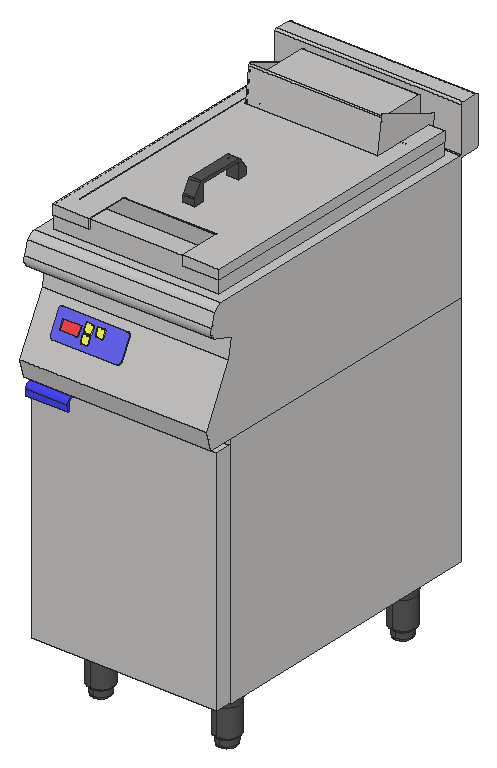
Revit family "QF_CAPIC_AVEN_W541033", category Equipement spécialisé, Revit 2018
Family settings
  Cote de connecteur circulaire = Utiliser le diamètre
  Type d'élément = Normal
  Numéro OmniClass = 23.40.40.14
  Titre OmniClass = Food Service Equipment
  Basée sur le plan de construction = Non
  Toujours verticalement = Oui
  Couper avec des vides une fois chargée = Non
  Partagée = Non
  Point de calcul de pièce = Non
Parameters (values of type "400 x 725 x 900 mm")
  URL catalogue = "http://www.capic-fr.com/fr/"
  Type de Raccord Plomberie [instance] = ""
  Type de Raccord Electrique [instance] = "Bornier interne"
  Type de Gaz = ""
  Type article [instance] = ""
  Tension = 400 V
  Spécification du Fabricant = ""
  Show Logo [instance] = yes
  Remarques evacuation [instance] = ""
  Remarques Plomberie [instance] = ""
  Remarques Electricité [instance] = "400Vx3 +T+N"
  Puissance électrique  = 10000 W
  Puissance Gaz kW = 0
  Profondeur hors tout = 725 mm
  Pression Maximum Eau Adoucie = 0.0 Pa
  Poids net à vide = 63.00 kg
  Phase = 0
  Modèle = "W541033"
  Longueur hors tout = 400 mm
  Intensité nominale = 0 A
  Hauteur hors tout = 1010 mm
  Hauteur de Raccordement du Sol Finis = 703 mm
  Hauteur de Raccordement Gaz du Sol Finis = 0 mm
  Hauteur de Raccordement Evacuation Directe du Sol Finis = 0 mm
  Hauteur de Raccordement Eau Froide du Sol Finis = 0 mm
  Hauteur de Raccordement Eau Chaude du Sol Finis = 0 mm
  Hauteur de Raccordement Eau Adoucie du Sol Finis = 0 mm
  Fréquence = 50 Hz
  Fabricant = "CAPIC"
  Débit d'air d'extraction = 0.0 m³/h
  Débit Gaz = 0.0 L/s
  Débit Eau Froide = 0.0 L/s
  Débit Eau Chaude = 0.0 L/s
  Débit Eau Adoucie = 0.0 L/s
  Diamètre de Raccordement Gaz = 0 mm
  Diamètre de Raccordement Evacuation = 0 mm
  Diamètre de Raccordement Eau Froide = 0 mm
  Diamètre de Raccordement Eau Chaude = 0 mm
  Diamètre de Raccordement Eau Adoucie = 0 mm
  Description = "Friteuse 15L sur placard"
  Assembly Code = ""
  Classification  Omniclass nombre et titre = "23.40.40.14"
Reference planes
  plane 1 "Centre (avant/arrière)": y = 0
  plane 2: z = 0
  plane 3 "Centre (gauche/droite)": x = 0
  plane 4: x = 400
Forms (mm)
  Extrusion 1, solid, material "QF_Stainless Steel-Brushed"
    sketch origin (0, -45.05, 638) x (0, 1, 0) y (0, 0, 1)
      loop
        line (1.05, 270.397) -> (-641.347, 270.397)
        arc (-641.347, 270.397) -> (-651.671, 267.142) -> (-658.261, 258.553) r 18
        line (-658.261, 258.553) -> (-667.837, 232.245)
        arc (-667.837, 232.245) -> (-667.236, 218.482) -> (-657.078, 209.174) r 18
        line (-657.078, 209.174) -> (-613.251, 193.222) -> (-619.754, 152.161) -> (-680.074, 38.717) -> (-668.972, 0) -> (0, 0) -> (0, 268.397) -> (42.05, 268.397) -> (44.05, 270.397) -> (44.05, 356.397) -> (45.05, 356.397) -> (45.05, 368.397)
        arc (45.05, 368.397) -> (43.878, 371.225) -> (41.05, 372.397) r 4
        line (41.05, 372.397) -> (7.05, 372.397)
        arc (7.05, 372.397) -> (4.222, 371.225) -> (3.05, 368.397) r 4
        line (3.05, 368.397) -> (3.05, 272.397)
        arc (3.05, 272.397) -> (2.464, 270.983) -> (1.05, 270.397) r 2
    from 0 to 400
  Extrusion 2, solid, material "QF_Stainless Steel-Brushed"
    sketch origin (0, -44, 908.397) x (0, -1, 0) y (1, 0, 0)
      loop
        line (18.05, 23) -> (620, 23) -> (620, 377) -> (18.05, 377) -> (18.05, 23)
      loop
        line (91, 354) -> (91, 46) -> (577, 46) -> (577, 354) -> (91, 354)
    from 0 to 46.5
  Extrusion 3, void
    sketch origin (0, -44, 908.397) x (1, 0, 0) y (0, -1, 0)
      loop
        line (46, 91) -> (354, 91) -> (354, 577) -> (46, 577) -> (46, 91)
    from 200 to 0
  Extrusion 4, solid, material "QF_Stainless Steel-Brushed"
    sketch origin (0, 0, 0) x (0, 1, 0) y (0, 0, 1)
      loop
        arc (-64.05, 954.897) -> (-62.636, 955.483) -> (-62.05, 956.897) r 2
        line (-62.05, 956.897) -> (-62.05, 1006.397)
        arc (-62.05, 1006.397) -> (-62.636, 1007.811) -> (-64.05, 1008.397) r 2
        line (-64.05, 1008.397) -> (-180.05, 1008.397)
        arc (-180.05, 1008.397) -> (-181.464, 1007.811) -> (-182.05, 1006.397) r 2
        line (-182.05, 1006.397) -> (-182.05, 956.897)
        arc (-182.05, 956.897) -> (-181.464, 955.483) -> (-180.05, 954.897) r 2
        line (-180.05, 954.897) -> (-64.05, 954.897)
    from 326 to 74
  Extrusion 5, solid, material "QF_Stainless Steel-Brushed"
    sketch origin (0, -7, -30) x (0, 1, 0) y (0, 0, 1)
      loop
        line (-50.05, 954.897) -> (-47.846, 954.897)
        arc (-47.846, 954.897) -> (-44.566, 956.123) -> (-42.895, 959.201) r 5
        line (-42.895, 959.201) -> (-37.609, 996.812)
        arc (-37.609, 996.812) -> (-38.209, 999.97) -> (-40.607, 1002.111) r 5
        line (-40.607, 1002.111) -> (-170.745, 1057.351)
        arc (-170.745, 1057.351) -> (-175.161, 1057.1) -> (-177.65, 1053.444) r 5
        line (-177.65, 1053.444) -> (-187.284, 984.897) -> (-55.05, 984.897) -> (-55.05, 959.897)
        arc (-55.05, 959.897) -> (-53.586, 956.361) -> (-50.05, 954.897) r 5
    from 342 to 58
  Extrusion 6, void
    sketch origin (0, 0, 0) x (0, 1, 0) y (0, 0, 1)
      loop
        line (-181.879, 1034.538) -> (-197.288, 924.897) -> (-45.451, 924.897) -> (-38.59, 973.715) -> (-181.879, 1034.538)
    from 340 to 60
  Extrusion 7, solid, material "QF_Stainless Steel-Brushed"
    sketch origin (0, 0, 0) x (1, 0, 0) y (0, 1, 0)
      loop
        line (21.8, -60.85) -> (21.8, -665.2) -> (100, -665.2) -> (100, -573.2) -> (300, -573.2) -> (300, -665.2) -> (378.2, -665.2) -> (378.2, -60.85) -> (343.2, -60.85) -> (343.2, -195.484) -> (56.8, -195.484) -> (56.8, -60.85) -> (21.8, -60.85)
    from 936 to 956
  Extrusion 8, void
    sketch origin (0, 0, 0) x (1, 0, 0) y (0, 1, 0)
      loop
        line (23, -59.896) -> (23, -664) -> (377, -664) -> (377, -59.896) -> (23, -59.896)
    from 934.9 to 954.897
  Extrusion 9, solid, material "QF_Plastic-Black"
    sketch origin (0, -30, 0) x (0, 1, 0) y (0, 0, 1)
      loop
        line (-492.35, 956) -> (-472.35, 956) -> (-472.35, 987)
        arc (-472.35, 987) -> (-471.179, 989.828) -> (-468.35, 991) r 4
        line (-468.35, 991) -> (-379.35, 991)
        arc (-379.35, 991) -> (-376.522, 989.828) -> (-375.35, 987) r 4
        line (-375.35, 987) -> (-375.35, 956) -> (-355.35, 956) -> (-355.35, 969.489)
        arc (-355.35, 969.489) -> (-355.522, 970.648) -> (-356.022, 971.708) r 4
        line (-356.022, 971.708) -> (-371.036, 994.219)
        arc (-371.036, 994.219) -> (-372.476, 995.527) -> (-374.363, 996) r 4
        line (-374.363, 996) -> (-473.337, 996)
        arc (-473.337, 996) -> (-475.224, 995.527) -> (-476.665, 994.219) r 4
        line (-476.665, 994.219) -> (-491.678, 971.708)
        arc (-491.678, 971.708) -> (-492.178, 970.648) -> (-492.35, 969.489) r 4
        line (-492.35, 969.489) -> (-492.35, 956)
    from 212.5 to 187.5
Cuts and joins
  Extrusion 3 cuts Extrusion 1
  Extrusion 6 cuts Extrusion 5
  Extrusion 8 cuts Extrusion 7
Dimensions and locks
  "Longueur hors tout": plane 3 "Centre (gauche/droite)" to plane 4
  aligned and locked: level to plane 2
  aligned and locked: plane 4 to Extrusion 1
  aligned and locked: Extrusion 1 to plane 3 "Centre (gauche/droite)"
Automatic sketch dimensions
  level to Extrusion 1 sketch curve = 638 mm
  plane 1 "Centre (avant/arrière)" to Extrusion 1 sketch curve = 45.05 mm
  level to Extrusion 1 sketch curve = 831.222 mm
  plane 1 "Centre (avant/arrière)" to Extrusion 1 sketch curve = 658.301 mm
  level to Extrusion 1 sketch curve = 790.161 mm
  Extrusion 1 sketch curve to Extrusion 1 sketch curve = 6.503 mm
  Extrusion 1 sketch curve to Extrusion 1 sketch curve = 28.096 mm
  Extrusion 1 sketch curve to Extrusion 1 sketch curve = 9.575 mm
  level to Extrusion 1 sketch curve = 847.174 mm
  Extrusion 1 sketch curve to Extrusion 1 sketch curve = 6.156 mm  (x2)
  level to Extrusion 1 sketch curve = 896.553 mm
  Extrusion 1 sketch curve to Extrusion 1 sketch curve = 16.914 mm  (x2)
  level to Extrusion 1 sketch curve = 870.245 mm
  Extrusion 1 sketch curve to Extrusion 1 sketch curve = 49.218 mm
  level to Extrusion 1 sketch curve = 676.717 mm
  Extrusion 1 sketch curve to Extrusion 1 sketch curve = 11.102 mm
  plane 1 "Centre (avant/arrière)" to Extrusion 1 sketch curve = 44 mm
  plane 1 "Centre (avant/arrière)" to Extrusion 1 sketch curve = 42 mm
  Extrusion 1 sketch curve to Extrusion 1 sketch curve = 4 mm  (x2)
  Extrusion 1 sketch curve to Extrusion 1 sketch curve = 34 mm
  Extrusion 1 sketch curve to Extrusion 1 sketch curve = 39 mm
  Extrusion 1 sketch curve to Extrusion 1 sketch curve = 3 mm
  Extrusion 1 sketch curve to Extrusion 1 sketch curve = 1 mm
  Extrusion 1 sketch curve to Extrusion 1 sketch curve = 2 mm
  Extrusion 1 sketch curve to Extrusion 1 sketch curve = 86 mm
  Extrusion 1 sketch curve to Extrusion 1 sketch curve = 12 mm
  Extrusion 1 to Extrusion 2 sketch curve = 23 mm  (x2)
  Extrusion 1 to Extrusion 2 sketch curve = 18.05 mm
  Extrusion 2 sketch curve to Extrusion 2 sketch curve = 72.95 mm
  Extrusion 1 to Extrusion 2 sketch curve = 65.397 mm
  Extrusion 1 to Extrusion 2 sketch curve = 22.397 mm
  Extrusion 2 sketch curve to Extrusion 2 sketch curve = 23 mm
  Extrusion 1 to Extrusion 2 sketch curve = 46 mm
  Extrusion 1 to Extrusion 3 sketch curve = 46 mm  (x2)
  Extrusion 1 to Extrusion 3 sketch curve = 65.397 mm
  Extrusion 1 to Extrusion 3 sketch curve = 91 mm
  plane 1 "Centre (avant/arrière)" to Extrusion 4 sketch curve = 182.05 mm
  Extrusion 4 sketch curve to Extrusion 4 sketch curve = 2 mm  (x3)
  plane 1 "Centre (avant/arrière)" to Extrusion 4 sketch curve = 64.05 mm
  Extrusion 4 sketch curve to Extrusion 4 sketch curve = 0 mm
  level to Extrusion 4 sketch curve = 954.897 mm
  Extrusion 4 sketch curve to Extrusion 4 sketch curve = 49.5 mm
  plane 1 "Centre (avant/arrière)" to Extrusion 5 sketch curve = 194.284 mm
  Extrusion 5 sketch curve to Extrusion 5 sketch curve = 9.634 mm
  Extrusion 5 sketch curve to Extrusion 5 sketch curve = 4.951 mm  (x3)
  Extrusion 5 sketch curve to Extrusion 5 sketch curve = 1.954 mm  (x2)
  plane 1 "Centre (avant/arrière)" to Extrusion 5 sketch curve = 62.05 mm
  Extrusion 5 sketch curve to Extrusion 5 sketch curve = 2.204 mm
  Extrusion 5 sketch curve to Extrusion 5 sketch curve = 12.49 mm
  level to Extrusion 5 sketch curve = 924.897 mm
  Extrusion 5 sketch curve to Extrusion 5 sketch curve = 4.304 mm
  Extrusion 5 sketch curve to Extrusion 5 sketch curve = 0 mm
  Extrusion 5 sketch curve to Extrusion 5 sketch curve = 25 mm
  Extrusion 5 sketch curve to Extrusion 5 sketch curve = 11.915 mm
  Extrusion 5 sketch curve to Extrusion 5 sketch curve = 0.696 mm  (x2)
  Extrusion 5 sketch curve to Extrusion 5 sketch curve = 67.851 mm
  plane 1 "Centre (avant/arrière)" to Extrusion 6 sketch curve = 197.288 mm
  level to Extrusion 6 sketch curve = 924.897 mm
  Extrusion 6 sketch curve to Extrusion 6 sketch curve = 15.409 mm
  plane 1 "Centre (avant/arrière)" to Extrusion 6 sketch curve = 45.451 mm
  Extrusion 6 sketch curve to Extrusion 6 sketch curve = 109.641 mm
  plane 1 "Centre (avant/arrière)" to Extrusion 6 sketch curve = 38.59 mm
  Extrusion 6 sketch curve to Extrusion 6 sketch curve = 48.818 mm
  plane 3 "Centre (gauche/droite)" to Extrusion 7 sketch curve = 21.8 mm
  plane 3 "Centre (gauche/droite)" to Extrusion 7 sketch curve = 56.8 mm
  Extrusion 7 sketch curve to plane 4 = 56.8 mm
  Extrusion 7 sketch curve to plane 4 = 21.8 mm
  plane 1 "Centre (avant/arrière)" to Extrusion 7 sketch curve = 665.2 mm
  plane 1 "Centre (avant/arrière)" to Extrusion 7 sketch curve = 195.484 mm
  plane 1 "Centre (avant/arrière)" to Extrusion 7 sketch curve = 60.85 mm  (x2)
  plane 3 "Centre (gauche/droite)" to Extrusion 7 sketch curve = 100 mm
  Extrusion 7 sketch curve to plane 4 = 100 mm
  Extrusion 7 sketch curve to Extrusion 7 sketch curve = 92 mm  (x2)
  plane 3 "Centre (gauche/droite)" to Extrusion 8 sketch curve = 23 mm
  Extrusion 8 sketch curve to plane 4 = 23 mm
  plane 1 "Centre (avant/arrière)" to Extrusion 8 sketch curve = 664 mm
  plane 1 "Centre (avant/arrière)" to Extrusion 8 sketch curve = 59.896 mm
  plane 1 "Centre (avant/arrière)" to Extrusion 9 sketch curve = 522.35 mm
  Extrusion 9 sketch curve to Extrusion 9 sketch curve = 0.672 mm  (x2)
  Extrusion 9 sketch curve to Extrusion 9 sketch curve = 4 mm  (x2)
  Extrusion 9 sketch curve to Extrusion 9 sketch curve = 15.013 mm
  Extrusion 9 sketch curve to Extrusion 9 sketch curve = 3.328 mm  (x2)
  Extrusion 9 sketch curve to Extrusion 9 sketch curve = 20 mm
  Extrusion 9 sketch curve to Extrusion 9 sketch curve = 4.987 mm  (x2)
  Extrusion 9 sketch curve to Extrusion 9 sketch curve = 89 mm
  Extrusion 9 sketch curve to Extrusion 9 sketch curve = 16 mm
  level to Extrusion 9 sketch curve = 956 mm
  Extrusion 9 sketch curve to Extrusion 9 sketch curve = 0 mm
  Extrusion 9 sketch curve to Extrusion 9 sketch curve = 13.489 mm  (x2)
  Extrusion 9 sketch curve to Extrusion 9 sketch curve = 2.219 mm  (x2)
  Extrusion 9 sketch curve to Extrusion 9 sketch curve = 17.511 mm
  Extrusion 9 sketch curve to Extrusion 9 sketch curve = 1 mm  (x2)
Nested families
  nested 1: "QF_Details_CarteCde-Face" at (120, -687.109, 748.212) x (1, 0, 0) z (0, -0.8829, 0.4695), type "QF_Details_CarteCde-Face"
  nested 2: "QF_CAPIC_AVEN_W543031" at (0, 0, 0), type "400 mm"
    with Type de Raccord Plomberie "", Type de Raccord Electrique "", Type article "", Remarques evacuation "", Remarques Plomberie "", Remarques Electricité "", Etagere intermédiaire (option) no
Definition of nested family "QF_Details_CarteCde-Face"
  Parameters (values of type "QF_Details_CarteCde-Face")
    Default Elevation = 1219.2 mm
  Reference planes
    plane 1 "Centre (avant/arrière)": y = 0
    plane 2: z = 0
    plane 3 "Centre (gauche/droite)": x = 0
  Forms (mm)
    Extrusion 1, solid
      sketch origin (0, 0, 0) x (1, 0, 0) y (0, 1, 0)
        loop
          line (-1219.2, 1219.2) -> (-1219.2, -1219.2) -> (1219.2, -1219.2) -> (1219.2, 1219.2) -> (-1219.2, 1219.2)
      from 0 to -304.8
    Extrusion 2, solid
      sketch origin (-76, -757.888, 0) x (1, 0, 0) y (0, 1, 0)
        loop
          arc (7, 787.388) -> (2.05, 785.338) -> (0, 780.388) r 7
          line (0, 780.388) -> (0, 735.388)
          arc (0, 735.388) -> (2.05, 730.439) -> (7, 728.388) r 7
          line (7, 728.388) -> (145, 728.388)
          arc (145, 728.388) -> (149.95, 730.439) -> (152, 735.388) r 7
          line (152, 735.388) -> (152, 780.388)
          arc (152, 780.388) -> (149.95, 785.338) -> (145, 787.388) r 7
          line (145, 787.388) -> (7, 787.388)
        loop
          line (15, 767.388) -> (15, 748.388) -> (54, 748.388) -> (54, 767.388) -> (15, 767.388)
        loop
          line (74, 776.917) -> (61, 776.917) -> (61, 763.917)
          arc (61, 763.917) -> (62.172, 761.089) -> (65, 759.917) r 4
          line (65, 759.917) -> (78, 759.917) -> (78, 772.917)
          arc (78, 772.917) -> (76.828, 775.745) -> (74, 776.917) r 4
        loop
          line (99, 776.917) -> (86, 776.917) -> (86, 763.917)
          arc (86, 763.917) -> (87.172, 761.089) -> (90, 759.917) r 4
          line (90, 759.917) -> (103, 759.917) -> (103, 772.917)
          arc (103, 772.917) -> (101.828, 775.745) -> (99, 776.917) r 4
        loop
          line (74, 756.917) -> (61, 756.917) -> (61, 743.917)
          arc (61, 743.917) -> (62.172, 741.089) -> (65, 739.917) r 4
          line (65, 739.917) -> (78, 739.917) -> (78, 752.917)
          arc (78, 752.917) -> (76.828, 755.745) -> (74, 756.917) r 4
      from 0 to 0.5
    Extrusion 3, solid
      sketch origin (-76, -744.891, 0) x (1, 0, 0) y (0, 1, 0)
        loop
          line (15, 754.391) -> (15, 735.391) -> (54, 735.391) -> (54, 754.391) -> (15, 754.391)
      from 0 to 0.5
    Extrusion 4, solid
      sketch origin (-76, -744.891, 0) x (1, 0, 0) y (0, 1, 0)
        loop
          line (61, 763.919) -> (61, 750.919)
          arc (61, 750.919) -> (62.172, 748.091) -> (65, 746.919) r 4
          line (65, 746.919) -> (78, 746.919) -> (78, 759.919)
          arc (78, 759.919) -> (76.828, 762.748) -> (74, 763.919) r 4
          line (74, 763.919) -> (61, 763.919)
      from 0 to 0.5
    Extrusion 5, solid
      sketch origin (-76, -764.891, 0) x (1, 0, 0) y (0, 1, 0)
        loop
          line (61, 763.919) -> (61, 750.919)
          arc (61, 750.919) -> (62.172, 748.091) -> (65, 746.919) r 4
          line (65, 746.919) -> (78, 746.919) -> (78, 759.919)
          arc (78, 759.919) -> (76.828, 762.748) -> (74, 763.919) r 4
          line (74, 763.919) -> (61, 763.919)
      from 0 to 0.5
    Extrusion 6, solid
      sketch origin (-51, -744.891, 0) x (1, 0, 0) y (0, 1, 0)
        loop
          line (61, 763.919) -> (61, 750.919)
          arc (61, 750.919) -> (62.172, 748.091) -> (65, 746.919) r 4
          line (65, 746.919) -> (78, 746.919) -> (78, 759.919)
          arc (78, 759.919) -> (76.828, 762.748) -> (74, 763.919) r 4
          line (74, 763.919) -> (61, 763.919)
      from 0 to 0.5
  Dimensions and locks
    aligned and locked: plane 2 to Extrusion 1
    aligned and locked: level to Extrusion 1
Definition of nested family "QF_CAPIC_AVEN_W543031"
  Parameters (values of type "400 mm")
    URL catalogue = "http://www.capic-fr.com/fr/"
    Type de Raccord Plomberie [instance] = ""
    Type de Raccord Electrique [instance] = ""
    Type de Gaz = ""
    Type article [instance] = ""
    Tension = 0 V
    Spécification du Fabricant = ""
    Show Logo = yes
    Remarques evacuation [instance] = ""
    Remarques Plomberie [instance] = ""
    Remarques Electricité [instance] = ""
    Puissance électrique  = 0 W
    Puissance Gaz kW = 0
    Profondeur hors tout = 671 mm
    Pression Maximum Eau Adoucie = 0.0 Pa
    Poids net à vide = 30.00 kg
    Phase = 0
    Model = "W543031"
    Longueur hors tout = 400 mm
    Intensité nominale = 0 A
    Hauteur hors tout = 638 mm
    Hauteur de Raccordement du Sol Finis = 0 mm
    Hauteur de Raccordement Gaz du Sol Finis = 0 mm
    Hauteur de Raccordement Evacuation Directe du Sol Finis = 0 mm
    Hauteur de Raccordement Eau Froide du Sol Finis = 0 mm
    Hauteur de Raccordement Eau Chaude du Sol Finis = 0 mm
    Hauteur de Raccordement Eau Adoucie du Sol Finis = 0 mm
    Fréquence = 0 Hz
    Manufacturer = "CAPIC"
    Etagere intermédiaire (option) [instance] = no
    Débit d'air d'extraction = 0.0 m³/h
    Débit Gaz = 0.0 L/s
    Débit Eau Froide = 0.0 L/s
    Débit Eau Chaude = 0.0 L/s
    Débit Eau Adoucie = 0.0 L/s
    Diamètre de Raccordement Gaz = 0 mm
    Diamètre de Raccordement Evacuation = 0 mm
    Diamètre de Raccordement Eau Froide = 0 mm
    Diamètre de Raccordement Eau Chaude = 0 mm
    Diamètre de Raccordement Eau Adoucie = 0 mm
    Description = "Placard fermé 1 porte"
    Assembly Code = ""
    Classification  Omniclass nombre et titre = "23.40.40.14"
  Reference planes
    plane 1 "Centre (avant/arrière)": y = 0
    plane 2: z = 0
    plane 3 "Centre (gauche/droite)": x = 0
    plane 4: x = 400
    plane 5: y = -662
    plane 6: y = -45
    plane 7: x = 25
    plane 8: x = 375
    plane 9: y = -69
    plane 10: y = -539
    plane 11: x = 35
    plane 12: x = 365
    plane 13: x = 2
    plane 14: x = 398
    plane 15: y = -694.5
    plane 16: z = 627
    plane 17: y = -712
    plane 18: z = 625
    plane 19: y = -710
    plane 20: z = 603
    plane 21: x = 92
    plane 22: y = -1075
  Forms (mm)
    Extrusion 1, solid
      sketch origin (0, 0, 0) x (1, 0, 0) y (0, 1, 0)
        loop
          line (0, -45) -> (0, -662) -> (400, -662) -> (400, -45) -> (0, -45)
      from 130 to 638
    Extrusion 2, void
      sketch origin (0, 0, 0) x (1, 0, 0) y (0, 1, 0)
        loop
          line (35, -69) -> (35, -662) -> (365, -662) -> (365, -69) -> (35, -69)
      from 175 to 608
    Extrusion 3, solid, visible <- "Etagere intermédiaire (option)"
      sketch origin (0, 0, 0) x (1, 0, 0) y (0, 1, 0)
        loop
          line (35, -69) -> (35, -662) -> (365, -662) -> (365, -69) -> (35, -69)
      from 370 to 400
    Extrusion 4, solid
      sketch origin (0, 0, 0) x (1, 0, 0) y (0, 1, 0)
        loop
          line (2, -662) -> (2, -694.5) -> (398, -694.5) -> (398, -662) -> (2, -662)
      from 130 to 625
    Extrusion 5, solid
      sketch origin (0, 0, 0) x (0, 1, 0) y (0, 0, 1)
        loop
          line (-662, 627) -> (-700, 627)
          arc (-700, 627) -> (-708.485, 623.485) -> (-712, 615) r 12
          line (-712, 615) -> (-712, 603) -> (-710, 603) -> (-710, 615)
          arc (-710, 615) -> (-707.071, 622.071) -> (-700, 625) r 10
          line (-700, 625) -> (-662, 625) -> (-662, 627)
      from 2 to 92
  Cuts and joins
    Extrusion 2 cuts Extrusion 1
  Lines and regions (mm)
    symbolic lines
      curve 1: arc (398, -1075, 0) -> (123.261, -964.482, 0) -> (1.583, -694.5, 0) r 396.75
      curve 2: line (398, -1075, 0) -> (398, -694.5, 0)
  Dimensions and locks
    "Longueur hors tout": plane 3 "Centre (gauche/droite)" to plane 4
    plane 5 to plane 6 to plane 1 "Centre (avant/arrière)" = 617 mm locked, 45 mm locked
    plane 6 to plane 9 to plane 10 = 24 mm locked, 470 mm locked
    locked: plane 3 "Centre (gauche/droite)" to plane 7 at 25
    locked: plane 8 to plane 4 at 25
    locked: plane 3 "Centre (gauche/droite)" to plane 11 at 35
    locked: plane 12 to plane 4 at 35
    locked: plane 3 "Centre (gauche/droite)" to plane 13 at 2
    locked: plane 14 to plane 4 at 2
    locked: plane 5 to plane 15 at 32.5
    locked: plane 16 to plane 18 at 2
    locked: plane 19 to plane 17 at 2
    locked: plane 5 to plane 17 at 50
    locked: plane 16 to plane 20 at 24
    locked: plane 13 to plane 21 at 90
    aligned and locked: level to plane 2
    aligned and locked: plane 9 to nested 1
    aligned and locked: nested 1 to plane 7
    aligned and locked: plane 10 to nested 2
    aligned and locked: nested 2 to plane 7
    aligned and locked: plane 8 to nested 3
    aligned and locked: plane 9 to nested 3
    aligned and locked: plane 8 to nested 4
    aligned and locked: plane 10 to nested 4
    aligned and locked: Extrusion 2 sketch curve to plane 9
    aligned and locked: plane 11 to Extrusion 2 sketch curve
    aligned and locked: plane 5 to Extrusion 2 sketch curve
    aligned and locked: Extrusion 2 sketch curve to plane 12
    aligned and locked: Extrusion 4 sketch curve to plane 5
    aligned and locked: plane 13 to Extrusion 4 sketch curve
    aligned and locked: plane 15 to Extrusion 4 sketch curve
    aligned and locked: Extrusion 4 sketch curve to plane 14
    aligned and locked: plane 18 to Extrusion 4
    aligned and locked: Extrusion 5 sketch curve to plane 16
    aligned and locked: plane 18 to Extrusion 5 sketch curve
    aligned and locked: Extrusion 5 sketch curve to plane 5
    aligned and locked: plane 20 to Extrusion 5 sketch curve
    aligned and locked: plane 19 to Extrusion 5 sketch curve
    aligned and locked: Extrusion 5 to plane 13
    aligned and locked: plane 21 to Extrusion 5
  Automatic sketch dimensions
    Extrusion 1 sketch curve to plane 3 "Centre (gauche/droite)" = 0 mm
    Extrusion 1 sketch curve to plane 4 = 0 mm
    Extrusion 1 sketch curve to plane 5 = 0 mm
    Extrusion 1 sketch curve to plane 6 = 0 mm
    Extrusion 3 sketch curve to plane 5 = 0 mm
    Extrusion 3 sketch curve to plane 11 = 0 mm
    Extrusion 3 sketch curve to plane 12 = 0 mm
    Extrusion 3 sketch curve to plane 9 = 0 mm
    Extrusion 5 sketch curve to Extrusion 5 sketch curve = 0 mm
    Extrusion 5 sketch curve to plane 17 = 0 mm
    Extrusion 5 sketch curve to plane 15 = 5.5 mm
    curve 1 to plane 15 = 0 mm
    curve 2 to plane 14 = 0 mm
    curve 1 to plane 22 = 0 mm
    curve 2 to plane 15 = 0 mm
    curve 1 to plane 5 = 16.25 mm
  Nested families
    nested 1: "QF_Details_Pied" at (13.5, -119, 0) x (0, -1, 0) z (0, 0, 1), type "QF_Details_Pied"
    nested 2: "QF_Details_Pied" at (13.5, -589, 0) x (0, -1, 0) z (0, 0, 1), type "QF_Details_Pied"
    nested 3: "QF_Details_Pied" at (283.5, -119, 0) x (0, -1, 0) z (0, 0, 1), type "QF_Details_Pied"
    nested 4: "QF_Details_Pied" at (283.5, -589, 0) x (0, -1, 0) z (0, 0, 1), type "QF_Details_Pied"
  Definition of nested family "QF_Details_Pied"
    Reference planes
      plane 1 "Centre (avant/arrière)": y = 0
      plane 2: z = 0
      plane 3 "Centre (gauche/droite)": x = 0
    Forms (mm)
      Extrusion 1, solid
        sketch origin (-137.492, 51.5, -340.756) x (1, 0, 0) y (0, 0, 1)
          loop
            line (87.492, 481.756) -> (87.492, 472.756) -> (187.492, 472.756) -> (187.492, 481.756) -> (87.492, 481.756)
        from -40 to 40
      Revolve 2, solid
        sketch origin (0, 51.5, -9) x (1, 0, 0) y (0, 0, 1)
          loop
            line (0, 141) -> (0, 9) -> (19.21, 9) -> (19.21, 13) -> (20.21, 13) -> (20.21, 26) -> (21.71, 26) -> (26.66, 30.95) -> (26.66, 90.95) -> (31.468, 136.698) -> (36.246, 141) -> (0, 141)
          axis (0, 141) -> (0, 9)
        angle from 0 to 360
    Dimensions and locks
      aligned and locked: level to plane 2
      aligned and locked: Extrusion 1 to Revolve 2 sketch curve
